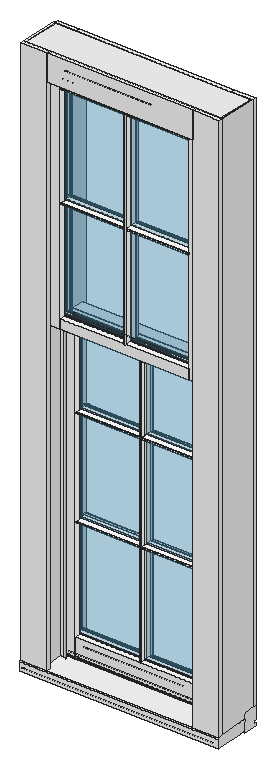
Revit family "B1-46", category Generic Models, Revit 2012
Parameters (values of type "Window Sill drawing")
  Width = 757 mm
  Height = 2144 mm
  GlazingPanelMaterial = Glass
  Floor Material = White
Reference planes
  plane 1 "Center (Front/Back)": y = 0
  plane 2: z = 0
  plane 3 "Center (Left/Right)": x = 0
  plane 4: z = 2144
  plane 5: x = -800
  plane 6: y = -21.25
  plane 7: y = 152.75
  plane 8: x = -669
  plane 9: y = -21.25
  plane 10: z = 1246.63
  plane 11: z = 1202.63
  plane 12: z = 2044
  plane 13: z = 2058
  plane 14: z = 33
  plane 15: z = 2062
  plane 16: z = 68
  plane 17: x = -43
  plane 18: x = -419.504
  plane 19: z = 2144
  plane 20: z = 2144
  plane 21: x = -125
  plane 22: x = -174
  plane 23: y = 112.422
  plane 24: y = 112.422
  plane 25: y = 112.422
  plane 26: z = 1628.52
  plane 27: z = 2013.938
  plane 28: z = 503.56
  plane 29: z = 877.04
Forms (mm)
  Extrusion 1, solid, material "White" <- "Floor Material"
    sketch origin (250, 0, 936.324) x (0, 1, 0) y (0, 0, 1)
      loop
        arc (117, 270.705) -> (122.657, 273.048) -> (125, 278.705) r 8
        line (125, 278.705) -> (128, 278.705) -> (128, 283.705) -> (109, 283.705) -> (109, 271.705) -> (112, 271.705) -> (113, 267.705) -> (117, 267.705) -> (117, 270.705)
      loop
        line (105, 279.705) -> (89, 279.705) -> (89, 269.705) -> (105, 269.705) -> (105, 279.705)
      loop
        line (60, 266.306) -> (60, 292.705) -> (54, 292.705) -> (54, 295.705) -> (12, 295.705) -> (12, 311.705) -> (10, 311.705) -> (0, 301.705) -> (0, 266.306) -> (30.175, 266.306) -> (60, 266.306)
      loop
        line (34, 309.705) -> (18, 309.705) -> (18, 299.705) -> (34, 299.705) -> (34, 309.705)
      loop
        arc (55.407, 295.564) -> (54.407, 294.564) -> (55.407, 293.564) r 1
        line (55.407, 293.564) -> (62.907, 293.564) -> (62.907, 297.534) -> (64.964, 294.722)
        arc (64.964, 294.722) -> (66.277, 294.823) -> (66.378, 296.136) r 1.012
        line (66.378, 296.136) -> (63.392, 300.218)
        arc (63.392, 300.218) -> (61.902, 300.742) -> (60.877, 299.54) r 1.396
        line (60.877, 299.54) -> (60.877, 295.564) -> (55.407, 295.564)
    from -917.922 to -425.078
  Extrusion 2, solid, material "White" <- "Floor Material"
    sketch origin (1015, 13.291, 883.518) x (0, 1, 0) y (0, 0, 1)
      loop
        line (69.709, 336.511) -> (96.209, 336.511) -> (96.209, 363.113) -> (50.709, 363.113) -> (50.709, 359.511) -> (52.709, 349.511) -> (57.709, 349.511) -> (57.709, 339.968) -> (63.93, 339.968) -> (63.93, 336.511) -> (57.709, 336.511) -> (57.709, 320.511) -> (69.709, 320.511) -> (69.709, 336.511)
      loop
        line (53.709, 320.511) -> (53.709, 325.511) -> (51.709, 335.511) -> (46.709, 335.511) -> (46.709, 320.511) -> (53.709, 320.511)
      loop
        line (46.709, 364.511) -> (28.709, 364.511) -> (27.709, 360.511) -> (24.709, 360.511) -> (24.709, 348.511) -> (46.709, 348.511) -> (46.709, 364.511)
      loop
        arc (62.521, 337.368) -> (63.521, 338.368) -> (62.521, 339.368) r 1
        line (62.521, 339.368) -> (55.021, 339.368) -> (55.021, 335.399) -> (52.965, 338.211)
        arc (52.965, 338.211) -> (51.652, 338.11) -> (51.551, 336.797) r 1.012
        line (51.551, 336.797) -> (54.536, 332.715)
        arc (54.536, 332.715) -> (56.027, 332.191) -> (57.051, 333.393) r 1.396
        line (57.051, 333.393) -> (57.051, 337.368) -> (62.521, 337.368)
    from -1684 to -1183.949
  Extrusion 3, solid, material "White" <- "Floor Material"
    sketch origin (865, 123.171, 897.242) x (0, 1, 0) y (0, 0, 1)
      loop
        line (-14.171, 306.296) -> (-10.171, 306.787) -> (-11.171, 310.787) -> (-14.171, 310.787) -> (-14.171, 306.296)
      loop
        line (-38.171, 306.542) -> (-38.171, 309.542) -> (-40.171, 309.787) -> (-40.171, 306.787) -> (-38.171, 306.542)
      loop
        line (-85.171, 351.278) -> (-85.171, 346.787) -> (-82.171, 346.787) -> (-81.171, 350.787) -> (-85.171, 351.278)
      loop
        line (-111.171, 347.787) -> (-109.171, 348.033) -> (-109.171, 351.033) -> (-111.171, 350.787) -> (-111.171, 347.787)
    from -1534 to -1039.078
  Extrusion 4, solid, material "Glass" <- "GlazingPanelMaterial"
    sketch origin (150, 64.106, 220.533) x (0, 1, 0) y (0, 0, 1)
      loop
        line (44.88, -103.528) -> (44.88, 987.496) -> (40.88, 987.496) -> (40.88, -103.528) -> (44.88, -103.528)
      loop
        line (24.88, 985.496) -> (20.88, 985.496) -> (20.88, -103.528) -> (24.88, -103.528) -> (24.88, 985.496)
    from -819 to -324.078
  Extrusion 5, solid, material "White" <- "Floor Material"
    sketch origin (761.418, 125.498, 1243.228) x (0, -0.121869, -0.992546) y (0, 0.992546, -0.121869)
      loop
        line (28.327, -57.65) -> (23.969, -54.354)
        arc (23.969, -54.354) -> (22.506, -54.612) -> (22.765, -56.075) r 1.05
        line (22.765, -56.075) -> (26.332, -58.837)
        arc (26.332, -58.837) -> (26.584, -59.776) -> (25.835, -60.396) r 0.9
        line (25.835, -60.396) -> (19.693, -61.15)
        arc (19.693, -61.15) -> (19.162, -61.383) -> (18.989, -61.936) r 0.7
        line (18.989, -61.936) -> (19.197, -63.633) -> (19.712, -64.398) -> (20.1, -67.562) -> (19.196, -66.76) -> (19.293, -67.554) -> (20.152, -68.225) -> (20.951, -68.183) -> (23.094, -67.324) -> (22.996, -66.53) -> (20.532, -66.978) -> (20.205, -64.315)
        arc (20.205, -64.315) -> (20.389, -63.651) -> (20.989, -63.312) r 0.9
        line (20.989, -63.312) -> (28.761, -62.358)
        arc (28.761, -62.358) -> (29.205, -62.1) -> (29.324, -61.601) r 0.65
        line (29.324, -61.601) -> (28.752, -58.33)
        arc (28.752, -58.33) -> (28.631, -57.932) -> (28.327, -57.65) r 0.798
    from -1430.418 to -935.496
  Extrusion 6, solid, material "White" <- "Floor Material"
    sketch origin (911.418, 126.532, 1244.463) x (0, -0.121869, -0.992546) y (0, 0.992546, -0.121869)
      loop
        arc (25.38, -55.148) -> (23.778, -55.428) -> (24.057, -57.03) r 1.15
        line (24.057, -57.03) -> (27.62, -59.789)
        arc (27.62, -59.789) -> (27.84, -60.623) -> (27.175, -61.172) r 0.8
        line (27.175, -61.172) -> (20.939, -61.931)
        arc (20.939, -61.931) -> (20.405, -62.232) -> (20.241, -62.823) r 0.8
        line (20.241, -62.823) -> (20.45, -64.52) -> (20.968, -65.312) -> (21.339, -68.337) -> (20.548, -67.635) -> (20.645, -68.429) -> (21.504, -69.1) -> (22.303, -69.058) -> (24.446, -68.2) -> (24.348, -67.406) -> (21.983, -67.835) -> (21.657, -65.178)
        arc (21.657, -65.178) -> (21.82, -64.588) -> (22.353, -64.287) r 0.8
        line (22.353, -64.287) -> (30.127, -63.332)
        arc (30.127, -63.332) -> (30.638, -63.034) -> (30.774, -62.459) r 0.75
        line (30.774, -62.459) -> (30.244, -59.424)
        arc (30.244, -59.424) -> (30.154, -58.918) -> (29.833, -58.516) r 1.042
        line (29.833, -58.516) -> (25.38, -55.148)
    from -1580.418 to -1085.496
  Extrusion 7, solid, material "White" <- "Floor Material"
    sketch origin (861.418, 121.497, 1256.106) x (0, -0.121869, -0.992546) y (0, 0.992546, -0.121869)
      loop
        line (37.899, -55.316) -> (32.161, -55.997)
        arc (32.161, -55.997) -> (31.827, -56.184) -> (31.724, -56.554) r 0.5
        line (31.724, -56.554) -> (32.395, -62.021) -> (31.491, -61.219) -> (31.588, -62.013) -> (32.447, -62.684) -> (33.246, -62.642) -> (35.389, -61.784) -> (35.291, -60.989) -> (32.827, -61.437) -> (32.285, -57.019)
        arc (32.285, -57.019) -> (32.428, -56.659) -> (32.772, -56.479) r 0.558
        line (32.772, -56.479) -> (37.96, -55.818)
        arc (37.96, -55.818) -> (38.179, -55.536) -> (37.899, -55.316) r 0.253
    from -1530.418 to -1035.496
  Extrusion 8, solid, material "White" <- "Floor Material"
    sketch origin (-78.582, 5.502, 1209.112) x (0, 0.121869, 0.992546) y (0, -0.992546, 0.121869)
      loop
        line (28.327, -57.65) -> (23.969, -54.354)
        arc (23.969, -54.354) -> (22.506, -54.612) -> (22.765, -56.075) r 1.05
        line (22.765, -56.075) -> (26.332, -58.837)
        arc (26.332, -58.837) -> (26.584, -59.776) -> (25.835, -60.396) r 0.9
        line (25.835, -60.396) -> (19.693, -61.15)
        arc (19.693, -61.15) -> (19.162, -61.383) -> (18.989, -61.936) r 0.7
        line (18.989, -61.936) -> (19.197, -63.633) -> (19.712, -64.398) -> (20.1, -67.562) -> (19.196, -66.76) -> (19.293, -67.554) -> (20.152, -68.225) -> (20.951, -68.183) -> (23.094, -67.324) -> (22.996, -66.53) -> (20.532, -66.978) -> (20.205, -64.315)
        arc (20.205, -64.315) -> (20.389, -63.651) -> (20.989, -63.312) r 0.9
        line (20.989, -63.312) -> (28.761, -62.358)
        arc (28.761, -62.358) -> (29.205, -62.1) -> (29.324, -61.601) r 0.65
        line (29.324, -61.601) -> (28.752, -58.33)
        arc (28.752, -58.33) -> (28.631, -57.932) -> (28.327, -57.65) r 0.798
    from -590.418 to -95.496
  Extrusion 9, solid, material "White" <- "Floor Material"
    sketch origin (736.418, 9.503, 1196.234) x (0, 0.121869, 0.992546) y (0, -0.992546, 0.121869)
      loop
        line (37.899, -55.316) -> (32.161, -55.997)
        arc (32.161, -55.997) -> (31.827, -56.184) -> (31.724, -56.554) r 0.5
        line (31.724, -56.554) -> (32.395, -62.021) -> (31.491, -61.219) -> (31.588, -62.013) -> (32.447, -62.684) -> (33.246, -62.642) -> (35.389, -61.784) -> (35.291, -60.989) -> (32.827, -61.437) -> (32.285, -57.019)
        arc (32.285, -57.019) -> (32.428, -56.659) -> (32.772, -56.479) r 0.558
        line (32.772, -56.479) -> (37.96, -55.818)
        arc (37.96, -55.818) -> (38.179, -55.536) -> (37.899, -55.316) r 0.253
    from -1405.418 to -910.496
  Extrusion 10, solid, material "White" <- "Floor Material"
    sketch origin (815, 0, 936.324) x (0, 1, 0) y (0, 0, 1)
      loop
        line (38, 299.705) -> (12, 299.705) -> (12, 295.705) -> (38, 295.705) -> (38, 299.705)
      loop
        line (109, 283.705) -> (83, 283.705) -> (83, 279.705) -> (109, 279.705) -> (109, 283.705)
    from -1484 to -1234.582
  Extrusion 11, solid, not visible
    sketch origin (0, 0, 9.375) x (0, 1, 0) y (0, 0, 1)
      loop
        line (94.662, 311.911) -> (94.314, 312.868) -> (95.314, 312.868) -> (93.454, 317.977) -> (86.115, 317.977) -> (85.011, 317.575) -> (64.143, 317.575) -> (64.143, 311.911) -> (94.662, 311.911)
    from 0 to 250
  Extrusion 12, solid, not visible
    sketch origin (0, 0, 9.375) x (0, 1, 0) y (0, 0, 1)
      loop
        line (93.688, 317.334) -> (85.92, 317.334) -> (87.101, 312.926) -> (95.293, 312.926) -> (93.688, 317.334)
      loop
        line (91.853, 322.376) -> (91.853, 328.194)
        arc (91.853, 328.194) -> (91.424, 329.231) -> (90.388, 329.66) r 1.465
        line (90.388, 329.66) -> (71.853, 329.66) -> (71.853, 322.376) -> (91.853, 322.376)
      loop
        line (73.373, 320.598) -> (64.143, 320.598) -> (64.143, 317.575) -> (73.373, 317.575) -> (73.373, 320.598)
      loop
        line (61.169, 311.884) -> (61.169, 316.884) -> (56.169, 316.884)
        arc (56.169, 316.884) -> (53.926, 317.813) -> (52.996, 320.057) r 3.173
        line (52.996, 320.057) -> (52.996, 327.594)
        arc (52.996, 327.594) -> (53.247, 329.284) -> (54.656, 330.25) r 2.138
        line (54.656, 330.25) -> (56.493, 330.25)
        arc (56.493, 330.25) -> (57.939, 329.727) -> (58.925, 328.548) r 2.95
        line (58.925, 328.548) -> (59.306, 324.922) -> (61.24, 324.922) -> (60.612, 330.901)
        arc (60.612, 330.901) -> (59.723, 332.646) -> (57.894, 333.348) r 2.733
        line (57.894, 333.348) -> (52.423, 333.348)
        arc (52.423, 333.348) -> (50.164, 330.795) -> (49.999, 327.391) r 5.139
        line (49.999, 327.391) -> (47.957, 316.884)
        arc (47.957, 316.884) -> (49.179, 314.507) -> (49.698, 311.884) r 9.583
        line (49.698, 311.884) -> (61.169, 311.884)
    from 0 to 250
  Extrusion 13, solid, material "White" <- "Floor Material"
    sketch origin (50, -21.25, 1760.188) x (0, 1, 0) y (0, 0, 1)
      loop
        line (78.5, 268.749) -> (59.5, 268.749) -> (59.5, 256.749) -> (62.5, 256.749) -> (63.5, 252.749) -> (67.5, 252.749) -> (67.5, 255.749)
        arc (67.5, 255.749) -> (73.157, 258.092) -> (75.5, 263.749) r 8
        line (75.5, 263.749) -> (78.5, 263.749) -> (78.5, 268.749)
      loop
        line (67.534, 317.378) -> (63.288, 313.116) -> (63.101, 309.432)
        arc (63.101, 309.432) -> (63.279, 308.951) -> (63.75, 308.749) r 0.65
        line (63.75, 308.749) -> (71.582, 308.749)
        arc (71.582, 308.749) -> (72.219, 308.486) -> (72.482, 307.849) r 0.9
        line (72.482, 307.849) -> (72.482, 305.266) -> (69.639, 305.266) -> (69.639, 304.437) -> (70.5, 304.437) -> (72.582, 304.032) -> (73.5, 304.437) -> (73.5, 308.749) -> (73.4, 310.459)
        arc (73.4, 310.459) -> (73.16, 310.987) -> (72.605, 311.153) r 0.7
        line (72.605, 311.153) -> (66.417, 311.153)
        arc (66.417, 311.153) -> (65.695, 311.514) -> (65.553, 312.309) r 0.9
        line (65.553, 312.309) -> (68.938, 315.817)
        arc (68.938, 315.817) -> (69.016, 317.299) -> (67.534, 317.378) r 1.05
    from -719 to -224
  Extrusion 14, solid, material "White" <- "Floor Material"
    sketch origin (50, -21.25, 1749.251) x (0, 1, 0) y (0, 0, 1)
      loop
        line (154, 344.749) -> (154, 388.749) -> (20, 388.749) -> (20, 344.749) -> (154, 344.749)
    from -749.921 to -193.079
  Extrusion 15, solid, material "Glass" <- "GlazingPanelMaterial"
    sketch origin (0, -6.957, 1475.493) x (0, 1, 0) y (0, 0, 1)
      loop
        line (45.207, -226.973) -> (45.207, 568.507) -> (41.207, 568.507) -> (41.207, -226.973) -> (45.207, -226.973)
      loop
        line (24.957, 568.507) -> (20.957, 568.507) -> (20.957, -226.973) -> (24.957, -226.973) -> (24.957, 568.507)
    from -669 to -174.078
  Extrusion 16, solid, material "White" <- "Floor Material"
    sketch origin (-72.332, 95.318, 2181.485) x (0, 1, 0) y (0, 0, 1)
      loop
        line (-97.368, -115.408) -> (-98.782, -115.408) -> (-98.782, -120.691) -> (-97.368, -120.691) -> (-97.368, -119.602) -> (-97.368, -116.493) -> (-97.368, -115.408)
    from -596.668 to -347.25
  Extrusion 17, solid, material "White" <- "Floor Material"
    sketch origin (50, -21.25, 1760.188) x (0, 1, 0) y (0, 0, 1)
      loop
        line (17, 304.499) -> (13, 304.499) -> (13, 301.999) -> (17, 301.999) -> (17, 299.749) -> (20, 299.749) -> (20, 301.694) -> (19.2, 301.694) -> (19.2, 300.606) -> (17.786, 300.606) -> (17.786, 305.893) -> (19.2, 305.893) -> (19.2, 304.804) -> (20, 304.804) -> (20, 306.749) -> (17, 306.749) -> (17, 304.499)
    from -719 to -224
  Extrusion 18, solid, material "White" <- "Floor Material"
    sketch origin (50, -21.25, 1760.188) x (0, 1, 0) y (0, 0, 1)
      loop
        line (23.862, 300.393) -> (23.862, 306.074)
        spline (23.862, 306.074) -> (23.6, 305.683) -> (23.284, 305.425) -> (22.922, 305.27) -> (22.524, 305.189) -> (22.101, 305.153) -> (21.66, 305.133) -> (21.213, 305.1) -> (20.767, 305.024) -> (20.334, 304.876) -> (19.922, 304.627) -> (19.541, 304.248) -> (19.2, 303.71)
        line (19.2, 303.71) -> (19.2, 302.476)
        spline (19.2, 302.476) -> (19.558, 301.967) -> (19.948, 301.615) -> (20.362, 301.392) -> (20.792, 301.269) -> (21.23, 301.216) -> (21.669, 301.205) -> (22.099, 301.206) -> (22.515, 301.191) -> (22.906, 301.132) -> (23.267, 300.998) -> (23.588, 300.761) -> (23.862, 300.393)
    from -719 to -224
  Extrusion 19, solid, material "White" <- "Floor Material"
    sketch origin (-22.332, 36.182, 2181.485) x (0, -1, 0) y (0, 0, -1)
      loop
        line (-97.368, 115.408) -> (-97.368, 116.493) -> (-97.368, 119.602) -> (-97.368, 120.691) -> (-98.782, 120.691) -> (-98.782, 115.408) -> (-97.368, 115.408)
    from -646.668 to -397.25
  Extrusion 20, solid, material "White" <- "Floor Material"
    sketch origin (25, 152.75, 1760.188) x (0, -1, 0) y (0, 0, -1)
      loop
        spline (23.862, -300.393) -> (23.588, -300.761) -> (23.267, -300.998) -> (22.906, -301.132) -> (22.515, -301.191) -> (22.099, -301.206) -> (21.669, -301.205) -> (21.23, -301.216) -> (20.792, -301.269) -> (20.362, -301.392) -> (19.948, -301.615) -> (19.558, -301.967) -> (19.2, -302.476)
        line (19.2, -302.476) -> (19.2, -303.71)
        spline (19.2, -303.71) -> (19.541, -304.248) -> (19.922, -304.627) -> (20.334, -304.876) -> (20.767, -305.024) -> (21.213, -305.1) -> (21.66, -305.133) -> (22.101, -305.153) -> (22.524, -305.189) -> (22.922, -305.27) -> (23.284, -305.425) -> (23.6, -305.683) -> (23.862, -306.074)
        line (23.862, -306.074) -> (23.862, -300.393)
    from -694 to -444.582
  Extrusion 21, solid, material "White" <- "Floor Material"
    sketch origin (50, 234.566, 1876.409) x (0, 1, 0) y (0, 0, 1)
      loop
        line (-222.316, 137.529) -> (-220.566, 137.744) -> (-220.566, 140.529) -> (-222.316, 140.529) -> (-222.316, 137.529)
      loop
        line (-193.316, 140.529) -> (-196.316, 140.529) -> (-196.316, 136.529) -> (-192.316, 136.529) -> (-193.316, 140.529)
    from -719 to -224
  Extrusion 22, solid, material "White" <- "Floor Material"
    sketch origin (50, -21.25, 1755.251) x (0, 1, 0) y (0, 0, 1)
      loop
        line (159, 312.749) -> (159, 382.749) -> (20, 382.749) -> (20, 329.749) -> (15, 329.749) -> (15, 321.749) -> (20, 321.749) -> (20, 312.749) -> (83, 312.749) -> (83, 319.749) -> (91, 319.749) -> (91, 312.749) -> (159, 312.749)
    from -767.938 to -175.062
  Extrusion 23, solid, material "White" <- "Floor Material"
    sketch origin (-172.332, 69.685, -12.907) x (0, -1, 0) y (0, 0, -1)
      loop
        line (-28.815, -17.907) -> (-28.815, -45.907) -> (-33.815, -45.907) -> (-33.815, -60.907) -> (-28.815, -60.907) -> (92.551, -46.005)
        arc (92.551, -46.005) -> (94.432, -45.015) -> (95.185, -43.027) r 3
        line (95.185, -43.027) -> (95.185, -12.907) -> (90.185, -12.907) -> (90.185, -14.907)
        arc (90.185, -14.907) -> (87.185, -17.907) -> (84.185, -14.907) r 3
        line (84.185, -14.907) -> (84.185, -12.907) -> (-8.815, -12.907) -> (-8.815, -17.907) -> (-28.815, -17.907)
    from -627.668 to 129.332
  Extrusion 24, solid, material "White" <- "Floor Material"
    sketch origin (-172.332, 69.685, 0) x (0, -1, 0) y (0, 0, -1)
      loop
        line (-82.815, 0) -> (-82.815, -10) -> (-72.815, -10) -> (-72.815, -20) -> (-82.815, -20) -> (-82.815, -68) -> (-62.815, -68) -> (-28.815, -63.825) -> (-28.815, -58.913)
        arc (-28.815, -58.913) -> (-31.815, -55.913) -> (-28.815, -52.913) r 3
        line (-28.815, -52.913) -> (-28.815, -48) -> (-33.815, -48) -> (-33.815, -33) -> (-28.815, -33) -> (-28.815, 0) -> (-82.815, 0)
    from -627.668 to 129.332
  Extrusion 25, solid, material "White" <- "Floor Material"
    sketch origin (-172.332, 75.723, -26.266) x (0, -1, 0) y (0, 0, -1)
      loop
        line (-6.277, -76.621) -> (-17.277, -77.972) -> (-17.277, -99.936) -> (-21.277, -99.936) -> (-21.277, -139.271) -> (-7.277, -139.271) -> (-7.277, -155.271) -> (-5.277, -155.271) -> (4.723, -145.271) -> (4.723, -77.246)
        arc (4.723, -77.246) -> (3.711, -74.999) -> (1.357, -74.268) r 3
        line (1.357, -74.268) -> (-3.277, -74.837) -> (-3.277, -82.253) -> (-6.277, -82.253) -> (-6.277, -76.621)
      loop
        line (-55.277, -139.271) -> (-29.277, -139.271) -> (-29.277, -99.936) -> (-33.277, -99.936) -> (-33.277, -94.936) -> (-44.277, -96.287) -> (-44.277, -102.287) -> (-47.277, -102.287) -> (-47.277, -96.655) -> (-52.643, -97.314)
        arc (-52.643, -97.314) -> (-54.524, -98.304) -> (-55.277, -100.292) r 3
        line (-55.277, -100.292) -> (-55.277, -139.271)
    from -495.589 to -2.746
  Extrusion 26, solid, material "White" <- "Floor Material"
    sketch origin (-172.332, 36.806, -33.552) x (0, -1, 0) y (0, 0, -1)
      loop
        line (-97.22, -108.207) -> (-97.22, -106.552) -> (-98.72, -106.552) -> (-98.72, -111.552) -> (-97.22, -111.552) -> (-97.22, -109.898)
        spline (-97.22, -109.898) -> (-96.846, -110.536) -> (-96.419, -110.991) -> (-95.951, -111.297) -> (-95.454, -111.486) -> (-94.941, -111.593) -> (-94.423, -111.65) -> (-93.912, -111.691) -> (-93.422, -111.75) -> (-92.964, -111.859) -> (-92.55, -112.054) -> (-92.193, -112.366) -> (-91.905, -112.83)
        line (-91.905, -112.83) -> (-91.905, -105.274)
        spline (-91.905, -105.274) -> (-92.193, -105.738) -> (-92.55, -106.051) -> (-92.964, -106.245) -> (-93.422, -106.355) -> (-93.912, -106.414) -> (-94.423, -106.455) -> (-94.941, -106.512) -> (-95.454, -106.619) -> (-95.951, -106.808) -> (-96.419, -107.113) -> (-96.846, -107.569) -> (-97.22, -108.207)
    from -496.668 to -1.746
  Extrusion 27, solid, material "White" <- "Floor Material"
    sketch origin (-172.332, 73.367, -7.569) x (0, -1, 0) y (0, 0, -1)
      loop
        line (-54.633, -125.574) -> (-51.633, -125.574)
        arc (-51.633, -125.574) -> (-49.289, -131.23) -> (-43.633, -133.574) r 8
        line (-43.633, -133.574) -> (-43.633, -136.574) -> (-39.633, -136.574) -> (-38.633, -132.574) -> (-35.633, -132.574) -> (-35.633, -120.574) -> (-54.633, -120.574) -> (-54.633, -125.574)
    from -496.668 to -1.746
  Extrusion 28, solid, material "White" <- "Floor Material"
    sketch origin (-172.332, 69.685, 0) x (0, -1, 0) y (0, 0, -1)
      loop
        line (-39.315, -113.004) -> (-39.315, -117.004) -> (-15.315, -117.004) -> (-15.315, -126.25) -> (-13.315, -126.004) -> (-13.315, -113.004) -> (-39.315, -113.004)
    from -496.668 to -1.746
  Extrusion 29, solid, material "White" <- "Floor Material"
    sketch origin (-153.582, 101.098, -13.29) x (0, -1, 0) y (0, 0, -1)
      loop
        line (28.327, -57.65) -> (23.969, -54.354)
        arc (23.969, -54.354) -> (22.506, -54.612) -> (22.765, -56.075) r 1.05
        line (22.765, -56.075) -> (26.332, -58.837)
        arc (26.332, -58.837) -> (26.584, -59.776) -> (25.835, -60.396) r 0.9
        line (25.835, -60.396) -> (19.693, -61.15)
        arc (19.693, -61.15) -> (19.162, -61.383) -> (18.989, -61.936) r 0.7
        line (18.989, -61.936) -> (19.197, -63.633) -> (19.712, -64.398) -> (20.1, -67.562) -> (19.196, -66.76) -> (19.293, -67.554) -> (20.152, -68.225) -> (20.951, -68.183) -> (23.094, -67.324) -> (22.996, -66.53) -> (20.532, -66.978) -> (20.205, -64.315)
        arc (20.205, -64.315) -> (20.389, -63.651) -> (20.989, -63.312) r 0.9
        line (20.989, -63.312) -> (28.761, -62.358)
        arc (28.761, -62.358) -> (29.205, -62.1) -> (29.324, -61.601) r 0.65
        line (29.324, -61.601) -> (28.752, -58.33)
        arc (28.752, -58.33) -> (28.631, -57.932) -> (28.327, -57.65) r 0.798
    from -546.339 to -20.496
  Extrusion 30, solid, material "White" <- "Floor Material"
    sketch origin (-153.582, 113.393, -7.749) x (0, -1, 0) y (0, 0, -1)
      loop
        line (37.899, -55.316) -> (32.161, -55.997)
        arc (32.161, -55.997) -> (31.827, -56.184) -> (31.724, -56.554) r 0.5
        line (31.724, -56.554) -> (32.395, -62.021) -> (31.491, -61.219) -> (31.588, -62.013) -> (32.447, -62.684) -> (33.246, -62.642) -> (35.389, -61.784) -> (35.291, -60.989) -> (32.827, -61.437) -> (32.285, -57.019)
        arc (32.285, -57.019) -> (32.428, -56.659) -> (32.772, -56.479) r 0.558
        line (32.772, -56.479) -> (37.96, -55.818)
        arc (37.96, -55.818) -> (38.179, -55.536) -> (37.899, -55.316) r 0.253
    from -515.418 to -20.496
  Extrusion 31, solid, material "White" <- "Floor Material"
    sketch origin (-172.332, 69.685, 0) x (0, -1, 0) y (0, 0, -1)
      loop
        line (-35.315, -127.004) -> (-19.315, -127.004) -> (-19.315, -117.004) -> (-35.315, -117.004) -> (-35.315, -127.004)
    from -496.668 to -5.928
  Extrusion 32, solid, material "White" <- "Floor Material"
    sketch origin (-153.582, 142.098, 6.744) x (0, -1, 0) y (0, 0, -1)
      loop
        line (28.327, -57.65) -> (23.969, -54.354)
        arc (23.969, -54.354) -> (22.506, -54.612) -> (22.765, -56.075) r 1.05
        line (22.765, -56.075) -> (26.332, -58.837)
        arc (26.332, -58.837) -> (26.584, -59.776) -> (25.835, -60.396) r 0.9
        line (25.835, -60.396) -> (19.693, -61.15)
        arc (19.693, -61.15) -> (19.162, -61.383) -> (18.989, -61.936) r 0.7
        line (18.989, -61.936) -> (19.197, -63.633) -> (19.712, -64.398) -> (20.1, -67.562) -> (19.196, -66.76) -> (19.293, -67.554) -> (20.152, -68.225) -> (20.951, -68.183) -> (23.094, -67.324) -> (22.996, -66.53) -> (20.532, -66.978) -> (20.205, -64.315)
        arc (20.205, -64.315) -> (20.389, -63.651) -> (20.989, -63.312) r 0.9
        line (20.989, -63.312) -> (28.761, -62.358)
        arc (28.761, -62.358) -> (29.205, -62.1) -> (29.324, -61.601) r 0.65
        line (29.324, -61.601) -> (28.752, -58.33)
        arc (28.752, -58.33) -> (28.631, -57.932) -> (28.327, -57.65) r 0.798
    from -515.418 to -20.496
  Extrusion 33, solid, material "White" <- "Floor Material"
    sketch origin (-153.582, 143.45, 5.869) x (0, -1, 0) y (0, 0, -1)
      loop
        arc (25.38, -55.148) -> (23.778, -55.428) -> (24.057, -57.03) r 1.15
        line (24.057, -57.03) -> (27.62, -59.789)
        arc (27.62, -59.789) -> (27.84, -60.623) -> (27.175, -61.172) r 0.8
        line (27.175, -61.172) -> (20.939, -61.931)
        arc (20.939, -61.931) -> (20.405, -62.232) -> (20.241, -62.823) r 0.8
        line (20.241, -62.823) -> (20.45, -64.52) -> (20.968, -65.312) -> (21.339, -68.337) -> (20.548, -67.635) -> (20.645, -68.429) -> (21.504, -69.1) -> (22.303, -69.058) -> (24.446, -68.2) -> (24.348, -67.406) -> (21.983, -67.835) -> (21.657, -65.178)
        arc (21.657, -65.178) -> (21.82, -64.588) -> (22.353, -64.287) r 0.8
        line (22.353, -64.287) -> (30.127, -63.332)
        arc (30.127, -63.332) -> (30.638, -63.034) -> (30.774, -62.459) r 0.75
        line (30.774, -62.459) -> (30.244, -59.424)
        arc (30.244, -59.424) -> (30.154, -58.918) -> (29.833, -58.516) r 1.042
        line (29.833, -58.516) -> (25.38, -55.148)
    from -515.418 to -20.496
  Extrusion 34, solid, material "White" <- "Floor Material"
    sketch origin (-153.582, 154.393, 12.285) x (0, -1, 0) y (0, 0, -1)
      loop
        line (37.899, -55.316) -> (32.161, -55.997)
        arc (32.161, -55.997) -> (31.827, -56.184) -> (31.724, -56.554) r 0.5
        line (31.724, -56.554) -> (32.395, -62.021) -> (31.491, -61.219) -> (31.588, -62.013) -> (32.447, -62.684) -> (33.246, -62.642) -> (35.389, -61.784) -> (35.291, -60.989) -> (32.827, -61.437) -> (32.285, -57.019)
        arc (32.285, -57.019) -> (32.428, -56.659) -> (32.772, -56.479) r 0.558
        line (32.772, -56.479) -> (37.96, -55.818)
        arc (37.96, -55.818) -> (38.179, -55.536) -> (37.899, -55.316) r 0.253
    from -515.418 to -20.496
  Extrusion 35, solid, material "White" <- "Floor Material"
    sketch origin (-172.332, 69.685, 0) x (0, -1, 0) y (0, 0, -1)
      loop
        line (-39.315, -129.495) -> (-39.315, -125.004) -> (-42.315, -125.004) -> (-43.315, -129.004) -> (-39.315, -129.495)
      loop
        line (-15.315, -129.25) -> (-13.315, -129.004) -> (-13.315, -126.004) -> (-15.315, -126.25) -> (-15.315, -129.25)
    from -496.668 to -1.746
  Extrusion 36, solid, material "White" <- "Floor Material"
    sketch origin (-511.418, -643.153, 0) x (1, 0, 0) y (0, 1, 0)
      loop
        line (-280.004, 695.902) -> (-280.004, 650.902) -> (-235.004, 650.902) -> (-235.004, 695.902) -> (-280.004, 695.902)
      loop
        circle (-257.504, 673.402) r 3.5
      loop
        circle (-257.504, 744.402) r 3.5
      loop
        line (-235.004, 766.902) -> (-280.004, 766.902) -> (-280.004, 721.902) -> (-235.004, 721.902) -> (-235.004, 766.902)
      loop
        line (-281.504, 707.402) -> (-233.504, 707.402) -> (-233.504, 710.402) -> (-281.504, 710.402) -> (-281.504, 707.402)
      loop
        line (-206.504, 712.902) -> (-213.504, 712.902) -> (-213.504, 704.902) -> (-192.504, 704.902)
        arc (-192.504, 704.902) -> (-188.504, 708.902) -> (-192.504, 712.902) r 4
        line (-192.504, 712.902) -> (-206.504, 712.902)
    from 33 to 1670
  Extrusion 37, solid, material "White" <- "Floor Material"
    sketch origin (-511.434, -643.965, 0) x (1, 0, 0) y (0, 1, 0)
      loop
        line (-209.504, 752.402) -> (-254.504, 752.402) -> (-254.504, 736.402) -> (-209.504, 736.402) -> (-209.504, 729.902) -> (-206.504, 729.902) -> (-206.504, 758.902) -> (-209.504, 758.902) -> (-209.504, 752.402)
      loop
        line (-254.504, 681.402) -> (-254.504, 665.402) -> (-209.504, 665.402) -> (-209.504, 658.902) -> (-206.504, 658.902) -> (-206.504, 687.902) -> (-209.504, 687.902) -> (-209.504, 681.402) -> (-254.504, 681.402)
    from 33 to 1670
  Extrusion 38, solid, material "White" <- "Floor Material"
    sketch origin (-511.418, -571.902, -672) x (1, 0, 0) y (0, 1, 0)
      loop
        line (-156.504, 643.402) -> (-146.504, 653.402) -> (-146.504, 655.402) -> (-162.504, 655.402) -> (-162.504, 703.402) -> (-199.504, 703.402)
        arc (-199.504, 703.402) -> (-201.625, 702.524) -> (-202.504, 700.402) r 3
        line (-202.504, 700.402) -> (-202.504, 679.402) -> (-196.504, 679.402) -> (-196.504, 667.402) -> (-202.504, 667.402) -> (-202.504, 654.402) -> (-196.504, 654.402) -> (-196.504, 651.402) -> (-202.504, 651.402) -> (-202.504, 646.402)
        arc (-202.504, 646.402) -> (-201.625, 644.281) -> (-199.504, 643.402) r 3
        line (-199.504, 643.402) -> (-156.504, 643.402)
    from 717.039 to 1876.029
  Extrusion 39, solid, not visible
    sketch origin (-848.022, -244.537, 0) x (1, 0, 0) y (0, 1, 0)
      loop
        line (-156.504, 643.402) -> (-146.504, 653.402) -> (-146.504, 655.402) -> (-162.504, 655.402) -> (-162.504, 703.402) -> (-199.504, 703.402)
        arc (-199.504, 703.402) -> (-201.625, 702.524) -> (-202.504, 700.402) r 3
        line (-202.504, 700.402) -> (-202.504, 695.402) -> (-196.504, 695.402) -> (-196.504, 692.402) -> (-202.504, 692.402) -> (-202.504, 679.402) -> (-196.504, 679.402) -> (-196.504, 667.402) -> (-202.504, 667.402) -> (-202.504, 646.402)
        arc (-202.504, 646.402) -> (-201.625, 644.281) -> (-199.504, 643.402) r 3
        line (-199.504, 643.402) -> (-156.504, 643.402)
    from 672 to 1294
  Extrusion 40, solid, not visible
    sketch origin (-848.022, -244.537, 0) x (1, 0, 0) y (0, 1, 0)
      loop
        line (-162.504, 700.402) -> (-162.504, 681.402) -> (-150.504, 681.402) -> (-150.504, 684.402) -> (-146.504, 685.402) -> (-146.504, 689.402) -> (-149.504, 689.402)
        arc (-149.504, 689.402) -> (-151.847, 695.059) -> (-157.504, 697.402) r 8
        line (-157.504, 697.402) -> (-157.504, 700.402) -> (-162.504, 700.402)
    from 672 to 1294
  Extrusion 41, solid, material "White" <- "Floor Material"
    sketch origin (-511.418, -714.403, 334) x (1, 0, 0) y (0, 1, 0)
      loop
        arc (-199.504, 774.402) -> (-201.625, 773.524) -> (-202.504, 771.402) r 3
        line (-202.504, 771.402) -> (-202.504, 766.402) -> (-196.504, 766.402) -> (-196.504, 763.402) -> (-202.504, 763.402) -> (-202.504, 750.402) -> (-196.504, 750.402) -> (-196.504, 738.402) -> (-202.504, 738.402) -> (-202.504, 717.402)
        arc (-202.504, 717.402) -> (-201.625, 715.281) -> (-199.504, 714.402) r 3
        line (-199.504, 714.402) -> (-156.504, 714.402) -> (-146.504, 724.402) -> (-146.504, 726.402) -> (-162.504, 726.402) -> (-162.504, 774.402) -> (-199.504, 774.402)
    from 868.63 to 1724
  Extrusion 42, solid, material "White" <- "Floor Material"
    sketch origin (-511.418, -714.403, 289) x (1, 0, 0) y (0, 1, 0)
      loop
        line (-157.504, 771.402) -> (-162.504, 771.402) -> (-162.504, 752.402) -> (-150.504, 752.402) -> (-150.504, 755.402) -> (-146.504, 756.402) -> (-146.504, 760.402) -> (-149.504, 760.402)
        arc (-149.504, 760.402) -> (-151.847, 766.059) -> (-157.504, 768.402) r 8
        line (-157.504, 768.402) -> (-157.504, 771.402)
    from 913.63 to 1769
  Extrusion 43, solid, material "White" <- "Floor Material"
    sketch origin (-511.418, 774.897, -660) x (1, 0, 0) y (0, 1, 0)
      loop
        arc (-204.331, -687.749) -> (-207.239, -689.467) -> (-208.592, -692.561) r 5.492
        arc (-208.592, -692.561) -> (-208.577, -693.238) -> (-207.9, -693.253) r 0.49
        line (-207.9, -693.253) -> (-207.702, -692.118)
        arc (-207.702, -692.118) -> (-206.44, -689.941) -> (-204.202, -688.789) r 4.477
        arc (-204.202, -688.789) -> (-203.814, -688.735) -> (-203.578, -688.421) r 0.511
        line (-203.578, -688.421) -> (-203.578, -686.619)
        arc (-203.578, -686.619) -> (-203.274, -687.204) -> (-203.257, -687.863) r 1.462
        line (-203.257, -687.863) -> (-203.257, -695.734)
        arc (-203.257, -695.734) -> (-202.89, -696.174) -> (-202.523, -695.734) r 0.373
        line (-202.523, -695.734) -> (-202.523, -693.221) -> (-200.345, -693.221) -> (-201.733, -694.086) -> (-199.555, -694.086) -> (-198.017, -693.779) -> (-198.017, -692.744)
        arc (-198.017, -692.744) -> (-198.357, -692.518) -> (-198.75, -692.402) r 1.365
        line (-198.75, -692.402) -> (-202.504, -692.402) -> (-202.504, -686.348)
        arc (-202.504, -686.348) -> (-203.437, -685.545) -> (-204.331, -686.391) r 0.919
        line (-204.331, -686.391) -> (-204.331, -687.749)
    from 660 to 1282
  Extrusion 44, solid, material "White" <- "Floor Material"
    sketch origin (-511.418, 774.402, 314) x (1, 0, 0) y (0, 1, 0)
      loop
        line (-204.331, -730.055) -> (-204.331, -731.414)
        arc (-204.331, -731.414) -> (-203.437, -732.26) -> (-202.504, -731.457) r 0.919
        line (-202.504, -731.457) -> (-202.504, -725.402) -> (-198.44, -725.402)
        arc (-198.44, -725.402) -> (-197.968, -724.672) -> (-198.44, -723.941) r 0.802
        line (-198.44, -723.941) -> (-199.555, -723.719) -> (-201.729, -723.719) -> (-201.113, -724.274) -> (-200.345, -724.584) -> (-202.523, -724.584) -> (-202.523, -722.012)
        arc (-202.523, -722.012) -> (-202.923, -721.612) -> (-203.323, -722.012) r 0.4
        line (-203.323, -722.012) -> (-203.323, -731.425) -> (-203.578, -730.607) -> (-203.578, -729.384)
        arc (-203.578, -729.384) -> (-203.814, -729.07) -> (-204.202, -729.016) r 0.511
        arc (-204.202, -729.016) -> (-206.634, -727.667) -> (-207.8, -725.142) r 4.477
        arc (-207.8, -725.142) -> (-208.241, -724.845) -> (-208.592, -725.244) r 0.402
        arc (-208.592, -725.244) -> (-207.239, -728.338) -> (-204.331, -730.055) r 5.492
    from 862.437 to 1744
  Extrusion 45, solid, not visible
    sketch origin (-511.418, -643.152, -230) x (1, 0, 0) y (0, 1, 0)
      loop
        line (-200.504, 641.902) -> (-200.504, 638.902) -> (-198.254, 638.902) -> (-198.254, 634.902) -> (-195.818, 634.902) -> (-195.818, 638.902) -> (-193.504, 638.902) -> (-193.504, 641.902) -> (-195.282, 641.902) -> (-195.282, 641.116) -> (-194.482, 641.116) -> (-194.482, 639.814) -> (-199.81, 639.814) -> (-199.81, 641.116) -> (-199.01, 641.116) -> (-199.01, 641.902) -> (-200.504, 641.902)
    from 230 to 852
  Extrusion 46, solid, not visible
    sketch origin (-511.418, -643.152, -140) x (1, 0, 0) y (0, 1, 0)
      loop
        line (-194.482, 639.814) -> (-194.482, 641.116) -> (-199.81, 641.116) -> (-199.81, 639.814) -> (-194.482, 639.814)
    from 140 to 762
  Extrusion 47, solid, not visible
    sketch origin (-511.418, -643.152, 0) x (1, 0, 0) y (0, 1, 0)
      loop
        spline (-199.847, 645.779) -> (-199.478, 645.505) -> (-199.241, 645.183) -> (-199.108, 644.823) -> (-199.048, 644.431) -> (-199.033, 644.016) -> (-199.035, 643.585) -> (-199.023, 643.147) -> (-198.97, 642.709) -> (-198.847, 642.279) -> (-198.624, 641.865) -> (-198.272, 641.475) -> (-197.764, 641.116)
        line (-197.764, 641.116) -> (-196.529, 641.116)
        spline (-196.529, 641.116) -> (-195.991, 641.457) -> (-195.612, 641.839) -> (-195.363, 642.251) -> (-195.215, 642.684) -> (-195.139, 643.129) -> (-195.106, 643.577) -> (-195.086, 644.017) -> (-195.05, 644.441) -> (-194.969, 644.838) -> (-194.814, 645.2) -> (-194.556, 645.517) -> (-194.166, 645.779)
        line (-194.166, 645.779) -> (-199.847, 645.779)
    from 0 to 622
  Extrusion 48, solid, material "White" <- "Floor Material"
    sketch origin (-513.129, -642.215, -140) x (1, 0, 0) y (0, 1, 0)
      loop
        line (-194.482, 777.991) -> (-199.81, 777.991) -> (-199.81, 776.688) -> (-194.482, 776.688) -> (-194.482, 777.991)
    from 140 to 762
  Extrusion 49, solid, material "White" <- "Floor Material"
    sketch origin (-513.129, -642.215, 0) x (1, 0, 0) y (0, 1, 0)
      loop
        line (-199.847, 772.026) -> (-194.166, 772.026)
        spline (-194.166, 772.026) -> (-194.556, 772.288) -> (-194.814, 772.604) -> (-194.969, 772.966) -> (-195.05, 773.364) -> (-195.086, 773.787) -> (-195.106, 774.228) -> (-195.139, 774.675) -> (-195.215, 775.121) -> (-195.363, 775.554) -> (-195.612, 775.966) -> (-195.991, 776.347) -> (-196.529, 776.688)
        line (-196.529, 776.688) -> (-197.764, 776.688)
        spline (-197.764, 776.688) -> (-198.272, 776.33) -> (-198.624, 775.94) -> (-198.847, 775.526) -> (-198.97, 775.096) -> (-199.023, 774.658) -> (-199.035, 774.219) -> (-199.033, 773.789) -> (-199.048, 773.373) -> (-199.108, 772.982) -> (-199.241, 772.621) -> (-199.478, 772.3) -> (-199.847, 772.026)
    from 0 to 622
  Extrusion 50, solid, material "White" <- "Floor Material"
    sketch origin (-509.535, 775.395, -40) x (1, 0, 0) y (0, 1, 0)
      loop
        line (-196.365, -777.429) -> (-197.323, -777.429) -> (-200.433, -777.429) -> (-201.693, -777.429) -> (-201.693, -778.733) -> (-196.365, -778.733) -> (-196.365, -777.429)
    from 618 to 2098
  Extrusion 51, solid, material "White" <- "Floor Material"
    sketch origin (-509.535, 775.395, 309) x (1, 0, 0) y (0, 1, 0)
      loop
        spline (-201.578, -772.766) -> (-201.21, -773.041) -> (-200.973, -773.362) -> (-200.839, -773.722) -> (-200.779, -774.114) -> (-200.765, -774.529) -> (-200.766, -774.96) -> (-200.755, -775.398) -> (-200.702, -775.836) -> (-200.579, -776.266) -> (-200.356, -776.68) -> (-200.004, -777.07) -> (-199.495, -777.429)
        line (-199.495, -777.429) -> (-198.261, -777.429)
        spline (-198.261, -777.429) -> (-197.722, -777.088) -> (-197.343, -776.707) -> (-197.095, -776.295) -> (-196.947, -775.861) -> (-196.871, -775.416) -> (-196.837, -774.968) -> (-196.817, -774.528) -> (-196.782, -774.104) -> (-196.701, -773.707) -> (-196.546, -773.345) -> (-196.288, -773.028) -> (-195.897, -772.766)
        line (-195.897, -772.766) -> (-201.578, -772.766)
    from 894.538 to 1749
  Extrusion 52, solid, material "White" <- "Floor Material"
    sketch origin (-510.459, 770.224, 334) x (1, 0, 0) y (0, 1, 0)
      loop
        line (-201.463, -771.474) -> (-201.463, -774.474) -> (-199.213, -774.474) -> (-199.213, -778.474) -> (-196.777, -778.474) -> (-196.777, -774.474) -> (-194.463, -774.474) -> (-194.463, -771.474) -> (-196.241, -771.474) -> (-196.241, -772.26) -> (-195.441, -772.26) -> (-195.441, -773.563) -> (-200.769, -773.563) -> (-200.769, -772.26) -> (-199.969, -772.26) -> (-199.969, -771.474) -> (-201.463, -771.474)
    from 872.029 to 1724
  Extrusion 53, solid, material "White" <- "Floor Material"
    sketch origin (75, 0, 1114.96) x (0, 1, 0) y (0, 0, 1)
      loop
        line (-21.25, 1029.04) -> (-21.25, 929.04) -> (-1.25, 929.04) -> (-1.25, 934.04) -> (-4.25, 934.04) -> (-4.25, 937.286) -> (-5.069, 937.286) -> (-4.706, 936.29) -> (-5.702, 937.286) -> (-5.702, 936.29) -> (-6.538, 937.286) -> (-6.538, 936.29) -> (-8.25, 937.54) -> (-6.538, 938.79) -> (-6.538, 937.794) -> (-5.702, 938.79) -> (-5.702, 937.794) -> (-4.706, 938.79) -> (-5.069, 937.794) -> (-4.25, 937.794) -> (-4.25, 938.79) -> (-4.25, 941.04) -> (-1.25, 941.04) -> (-1.25, 947.04) -> (-1.25, 956.04) -> (-6.25, 956.04) -> (-6.25, 964.04) -> (-1.25, 964.04) -> (-1.25, 1023.04) -> (-6.25, 1023.04) -> (-6.25, 1029.04) -> (-21.25, 1029.04)
      loop
        line (69.75, 933.04) -> (69.75, 947.04) -> (69.75, 954.04) -> (61.75, 954.04) -> (61.75, 933.04)
        arc (61.75, 933.04) -> (65.75, 929.04) -> (69.75, 933.04) r 4
    from -774.921 to -218.079
  Extrusion 54, solid, material "White" <- "Floor Material"
    sketch origin (-511.418, -643.152, 0) x (1, 0, 0) y (0, 1, 0)
      loop
        line (-288.504, 795.902) -> (-288.504, 780.902) -> (-206.504, 780.902) -> (-206.504, 795.902) -> (-288.504, 795.902)
    from 68 to 2144
  Extrusion 55, solid, material "White" <- "Floor Material"
    sketch origin (-511.418, -643.152, 0) x (1, 0, 0) y (0, 1, 0)
      loop
        line (-288.504, 621.902) -> (-188.504, 621.902) -> (-188.504, 636.902) -> (-288.504, 636.902) -> (-288.504, 621.902)
    from 33 to 2144
  Extrusion 56, solid, material "White" <- "Floor Material"
    sketch origin (-421.397, 18.977, 0) x (0, 1, 0) y (0, 0, -1)
      loop
        line (118.773, -68) -> (113.523, -68) -> (79.523, -63.825) -> (79.523, -58.913)
        arc (79.523, -58.913) -> (82.523, -55.913) -> (79.523, -52.913) r 3
        line (79.523, -52.913) -> (79.523, -48) -> (-25.227, -35.138) -> (-25.227, -2144) -> (118.773, -2144) -> (118.773, -68)
    from 372.603 to 378.603
  Extrusion 57, solid, material "White" <- "Floor Material"
    sketch origin (0, 0, 1120.96) x (0, 1, 0) y (0, 0, 1)
      loop
        line (137.75, 1023.04) -> (-6.25, 1023.04) -> (-6.25, 1017.04) -> (137.75, 1017.04) -> (137.75, 1023.04)
    from -793.921 to -49
  Sweep 58, solid, material "White" <- "Floor Material"
    path origin (0, -30, 0) x (1, 0, 0) y (0, 0, 1)
      loop
        line (-717.921, 2062.005) -> (-717.921, 68) -> (-125, 68) -> (-125, 2062.005) -> (-717.921, 2062.005)
    profile origin (-421.461, -30, 2062.005) x (0, 0, 1) y (0, -1, 0)
      loop
        line (-15, -162.75) -> (-15, -176.75)
        arc (-15, -176.75) -> (-9, -182.75) -> (-3, -176.75) r 6
        line (-3, -176.75) -> (0, -176.75) -> (0, -162.75) -> (-15, -162.75)
  Extrusion 59, solid, material "White" <- "Floor Material"
    sketch origin (0, 0, 1114.96) x (0, 1, 0) y (0, 0, 1)
      loop
        line (132.75, 1023.04) -> (132.75, 964.04) -> (137.75, 964.04) -> (137.75, 956.04) -> (132.75, 956.04) -> (132.75, 947.04) -> (152.75, 947.04) -> (152.75, 1029.04) -> (137.75, 1029.04) -> (137.75, 1023.04) -> (132.75, 1023.04)
    from -717.938 to -125.062
  Extrusion 60, solid, material "White" <- "Floor Material"
    sketch origin (-511.417, -643.152, 0) x (1, 0, 0) y (0, 1, 0)
      loop
        line (-232.504, 775.902) -> (-232.504, 641.902) -> (-223.504, 641.902) -> (-223.504, 636.902) -> (-215.504, 636.902) -> (-215.504, 641.902) -> (-206.504, 641.902) -> (-206.504, 775.902) -> (-215.504, 775.902) -> (-215.504, 780.902) -> (-223.504, 780.902) -> (-223.504, 775.902) -> (-232.504, 775.902)
    from 0 to 1670
  Extrusion 61, solid, material "White" <- "Floor Material"
    sketch origin (-511.418, -571.902, 82) x (1, 0, 0) y (0, 1, 0)
      loop
        line (-162.504, 643.402) -> (-162.504, 703.402) -> (-199.504, 703.402)
        arc (-199.504, 703.402) -> (-201.625, 702.524) -> (-202.504, 700.402) r 3
        line (-202.504, 700.402) -> (-202.504, 679.402) -> (-196.504, 679.402) -> (-196.504, 667.402) -> (-202.504, 667.402) -> (-202.504, 654.402) -> (-196.504, 654.402) -> (-196.504, 651.402) -> (-202.504, 651.402) -> (-202.504, 646.402)
        arc (-202.504, 646.402) -> (-201.625, 644.281) -> (-199.504, 643.402) r 3
        line (-199.504, 643.402) -> (-162.504, 643.402)
    from 1122.029 to 1980
  Extrusion 62, solid, material "White" <- "Floor Material", detail levels fine
    sketch origin (450.141, 19.711, 138.385) x (0, 0, 1) y (0, 1, 0)
      loop
        line (365.175, 91) -> (385.175, 91) -> (385.175, 97) -> (383.175, 97) -> (383.175, 99.5)
        arc (383.175, 99.5) -> (381.469, 104.016) -> (377.675, 107) r 9
        line (377.675, 107) -> (377.675, 109) -> (372.675, 109) -> (372.675, 107)
        arc (372.675, 107) -> (368.881, 104.016) -> (367.175, 99.5) r 9
        line (367.175, 99.5) -> (367.175, 97) -> (365.175, 97) -> (365.175, 91)
      loop
        line (365.175, 61.911) -> (372.624, 53.757) -> (372.624, 51.757) -> (377.624, 51.757) -> (377.624, 53.757) -> (385.175, 64.711) -> (365.175, 64.711) -> (365.175, 61.911)
    from 625.219 to 1118.062
  Extrusion 63, solid, material "White" <- "Floor Material"
    sketch origin (450.141, 72.715, 537.654) x (0, 0, 1) y (0, 1, 0)
      loop
        line (-34.094, 34) -> (-34.094, 18) -> (-14.094, 18) -> (-14.094, 34) -> (-34.094, 34)
    from 624.219 to 1108
  Extrusion 64, solid, material "White" <- "Floor Material"
    sketch origin (-331.582, -643.153, 0) x (-1, 0, 0) y (0, -1, 0)
      loop
        line (-280.004, -695.902) -> (-235.004, -695.902) -> (-235.004, -650.902) -> (-280.004, -650.902) -> (-280.004, -695.902)
      loop
        circle (-257.504, -673.402) r 3.5
      loop
        circle (-257.504, -744.402) r 3.5
      loop
        line (-235.004, -766.902) -> (-235.004, -721.902) -> (-280.004, -721.902) -> (-280.004, -766.902) -> (-235.004, -766.902)
      loop
        line (-281.504, -707.402) -> (-281.504, -710.402) -> (-233.504, -710.402) -> (-233.504, -707.402) -> (-281.504, -707.402)
      loop
        line (-206.504, -712.902) -> (-192.504, -712.902)
        arc (-192.504, -712.902) -> (-188.504, -708.902) -> (-192.504, -704.902) r 4
        line (-192.504, -704.902) -> (-213.504, -704.902) -> (-213.504, -712.902) -> (-206.504, -712.902)
    from 33 to 1685.937
  Extrusion 65, solid, material "White" <- "Floor Material"
    sketch origin (-331.566, -643.965, 0) x (-1, 0, 0) y (0, -1, 0)
      loop
        line (-209.504, -752.402) -> (-209.504, -758.902) -> (-206.504, -758.902) -> (-206.504, -729.902) -> (-209.504, -729.902) -> (-209.504, -736.402) -> (-254.504, -736.402) -> (-254.504, -752.402) -> (-209.504, -752.402)
      loop
        line (-254.504, -681.402) -> (-209.504, -681.402) -> (-209.504, -687.902) -> (-206.504, -687.902) -> (-206.504, -658.902) -> (-209.504, -658.902) -> (-209.504, -665.402) -> (-254.504, -665.402) -> (-254.504, -681.402)
    from 33 to 1297
  Extrusion 66, solid, material "White" <- "Floor Material"
    sketch origin (-331.582, -571.902, -672) x (-1, 0, 0) y (0, -1, 0)
      loop
        line (-156.504, -643.402) -> (-199.504, -643.402)
        arc (-199.504, -643.402) -> (-201.625, -644.281) -> (-202.504, -646.402) r 3
        line (-202.504, -646.402) -> (-202.504, -651.402) -> (-196.504, -651.402) -> (-196.504, -654.402) -> (-202.504, -654.402) -> (-202.504, -667.402) -> (-196.504, -667.402) -> (-196.504, -679.402) -> (-202.504, -679.402) -> (-202.504, -700.402)
        arc (-202.504, -700.402) -> (-201.625, -702.524) -> (-199.504, -703.402) r 3
        line (-199.504, -703.402) -> (-162.504, -703.402) -> (-162.504, -655.402) -> (-146.504, -655.402) -> (-146.504, -653.402) -> (-156.504, -643.402)
    from 717.039 to 1876.029
  Extrusion 67, solid, material "White" <- "Floor Material"
    sketch origin (-331.582, -714.403, 334) x (-1, 0, 0) y (0, -1, 0)
      loop
        line (-199.504, -774.402) -> (-162.504, -774.402) -> (-162.504, -726.402) -> (-146.504, -726.402) -> (-146.504, -724.402) -> (-156.504, -714.402) -> (-199.504, -714.402)
        arc (-199.504, -714.402) -> (-201.625, -715.281) -> (-202.504, -717.402) r 3
        line (-202.504, -717.402) -> (-202.504, -738.402) -> (-196.504, -738.402) -> (-196.504, -750.402) -> (-202.504, -750.402) -> (-202.504, -763.402) -> (-196.504, -763.402) -> (-196.504, -766.402) -> (-202.504, -766.402) -> (-202.504, -771.402)
        arc (-202.504, -771.402) -> (-201.625, -773.524) -> (-199.504, -774.402) r 3
    from 868.63 to 1710
  Extrusion 68, solid, material "White" <- "Floor Material"
    sketch origin (-331.582, -714.403, 289) x (-1, 0, 0) y (0, -1, 0)
      loop
        line (-157.504, -771.402) -> (-157.504, -768.402)
        arc (-157.504, -768.402) -> (-151.847, -766.059) -> (-149.504, -760.402) r 8
        line (-149.504, -760.402) -> (-146.504, -760.402) -> (-146.504, -756.402) -> (-150.504, -755.402) -> (-150.504, -752.402) -> (-162.504, -752.402) -> (-162.504, -771.402) -> (-157.504, -771.402)
    from 913.63 to 1760
  Extrusion 69, solid, material "White" <- "Floor Material"
    sketch origin (-331.582, 774.897, -660) x (-1, 0, 0) y (0, -1, 0)
      loop
        line (-204.331, 687.749) -> (-204.331, 686.391)
        arc (-204.331, 686.391) -> (-203.437, 685.545) -> (-202.504, 686.348) r 0.919
        line (-202.504, 686.348) -> (-202.504, 692.402) -> (-198.75, 692.402)
        arc (-198.75, 692.402) -> (-198.357, 692.518) -> (-198.017, 692.744) r 1.365
        line (-198.017, 692.744) -> (-198.017, 693.779) -> (-199.555, 694.086) -> (-201.733, 694.086) -> (-200.345, 693.221) -> (-202.523, 693.221) -> (-202.523, 695.734)
        arc (-202.523, 695.734) -> (-202.89, 696.174) -> (-203.257, 695.734) r 0.373
        line (-203.257, 695.734) -> (-203.257, 687.863)
        arc (-203.257, 687.863) -> (-203.274, 687.204) -> (-203.578, 686.619) r 1.462
        line (-203.578, 686.619) -> (-203.578, 688.421)
        arc (-203.578, 688.421) -> (-203.814, 688.735) -> (-204.202, 688.789) r 0.511
        arc (-204.202, 688.789) -> (-206.44, 689.941) -> (-207.702, 692.118) r 4.477
        line (-207.702, 692.118) -> (-207.9, 693.253)
        arc (-207.9, 693.253) -> (-208.577, 693.238) -> (-208.592, 692.561) r 0.49
        arc (-208.592, 692.561) -> (-207.239, 689.467) -> (-204.331, 687.749) r 5.492
    from 660 to 1282
  Extrusion 70, solid, material "White" <- "Floor Material"
    sketch origin (-331.582, 774.402, 314) x (-1, 0, 0) y (0, -1, 0)
      loop
        arc (-204.331, 730.055) -> (-207.239, 728.338) -> (-208.592, 725.244) r 5.492
        arc (-208.592, 725.244) -> (-208.241, 724.845) -> (-207.8, 725.142) r 0.402
        arc (-207.8, 725.142) -> (-206.634, 727.667) -> (-204.202, 729.016) r 4.477
        arc (-204.202, 729.016) -> (-203.814, 729.07) -> (-203.578, 729.384) r 0.511
        line (-203.578, 729.384) -> (-203.578, 730.607) -> (-203.323, 731.425) -> (-203.323, 722.012)
        arc (-203.323, 722.012) -> (-202.923, 721.612) -> (-202.523, 722.012) r 0.4
        line (-202.523, 722.012) -> (-202.523, 724.584) -> (-200.345, 724.584) -> (-201.113, 724.274) -> (-201.729, 723.719) -> (-199.555, 723.719) -> (-198.44, 723.941)
        arc (-198.44, 723.941) -> (-197.968, 724.672) -> (-198.44, 725.402) r 0.802
        line (-198.44, 725.402) -> (-202.504, 725.402) -> (-202.504, 731.457)
        arc (-202.504, 731.457) -> (-203.437, 732.26) -> (-204.331, 731.414) r 0.919
        line (-204.331, 731.414) -> (-204.331, 730.055)
    from 862.437 to 1730
  Extrusion 71, solid, material "White" <- "Floor Material"
    sketch origin (-329.871, -642.215, -140) x (-1, 0, 0) y (0, -1, 0)
      loop
        line (-194.482, -777.991) -> (-194.482, -776.688) -> (-199.81, -776.688) -> (-199.81, -777.991) -> (-194.482, -777.991)
    from 140 to 762
  Extrusion 72, solid, material "White" <- "Floor Material"
    sketch origin (-329.871, -642.215, 0) x (-1, 0, 0) y (0, -1, 0)
      loop
        spline (-199.847, -772.026) -> (-199.478, -772.3) -> (-199.241, -772.621) -> (-199.108, -772.982) -> (-199.048, -773.373) -> (-199.033, -773.789) -> (-199.035, -774.219) -> (-199.023, -774.658) -> (-198.97, -775.096) -> (-198.847, -775.526) -> (-198.624, -775.94) -> (-198.272, -776.33) -> (-197.764, -776.688)
        line (-197.764, -776.688) -> (-196.529, -776.688)
        spline (-196.529, -776.688) -> (-195.991, -776.347) -> (-195.612, -775.966) -> (-195.363, -775.554) -> (-195.215, -775.121) -> (-195.139, -774.675) -> (-195.106, -774.228) -> (-195.086, -773.787) -> (-195.05, -773.364) -> (-194.969, -772.966) -> (-194.814, -772.604) -> (-194.556, -772.288) -> (-194.166, -772.026)
        line (-194.166, -772.026) -> (-199.847, -772.026)
    from 0 to 622
  Extrusion 73, solid, material "White" <- "Floor Material"
    sketch origin (-333.465, 775.395, -40) x (-1, 0, 0) y (0, -1, 0)
      loop
        line (-196.365, 777.429) -> (-196.365, 778.733) -> (-201.693, 778.733) -> (-201.693, 777.429) -> (-200.433, 777.429) -> (-197.323, 777.429) -> (-196.365, 777.429)
    from 119.278 to 1731.455
  Extrusion 74, solid, material "White" <- "Floor Material"
    sketch origin (-333.465, 775.395, 309) x (-1, 0, 0) y (0, -1, 0)
      loop
        line (-201.578, 772.766) -> (-195.897, 772.766)
        spline (-195.897, 772.766) -> (-196.288, 773.028) -> (-196.546, 773.345) -> (-196.701, 773.707) -> (-196.782, 774.104) -> (-196.817, 774.528) -> (-196.837, 774.968) -> (-196.871, 775.416) -> (-196.947, 775.861) -> (-197.095, 776.295) -> (-197.343, 776.707) -> (-197.722, 777.088) -> (-198.261, 777.429)
        line (-198.261, 777.429) -> (-199.495, 777.429)
        spline (-199.495, 777.429) -> (-200.004, 777.07) -> (-200.356, 776.68) -> (-200.579, 776.266) -> (-200.702, 775.836) -> (-200.755, 775.398) -> (-200.766, 774.96) -> (-200.765, 774.529) -> (-200.779, 774.114) -> (-200.839, 773.722) -> (-200.973, 773.362) -> (-201.21, 773.041) -> (-201.578, 772.766)
    from 894.538 to 1376
  Extrusion 75, solid, material "White" <- "Floor Material"
    sketch origin (-332.541, 770.224, 334) x (-1, 0, 0) y (0, -1, 0)
      loop
        line (-201.463, 771.474) -> (-199.969, 771.474) -> (-199.969, 772.26) -> (-200.769, 772.26) -> (-200.769, 773.563) -> (-195.441, 773.563) -> (-195.441, 772.26) -> (-196.241, 772.26) -> (-196.241, 771.474) -> (-194.463, 771.474) -> (-194.463, 774.474) -> (-196.777, 774.474) -> (-196.777, 778.474) -> (-199.213, 778.474) -> (-199.213, 774.474) -> (-201.463, 774.474) -> (-201.463, 771.474)
    from 872.029 to 1710
  Extrusion 76, solid, material "White" <- "Floor Material"
    sketch origin (-331.582, -643.152, 0) x (-1, 0, 0) y (0, -1, 0)
      loop
        line (-288.504, -795.902) -> (-206.504, -795.902) -> (-206.504, -780.902) -> (-288.504, -780.902) -> (-288.504, -795.902)
    from 68 to 2144
  Extrusion 77, solid, material "White" <- "Floor Material"
    sketch origin (-331.582, -643.152, 0) x (-1, 0, 0) y (0, -1, 0)
      loop
        line (-288.504, -621.902) -> (-288.504, -636.902) -> (-188.504, -636.902) -> (-188.504, -621.902) -> (-288.504, -621.902)
    from 33 to 2144
  Extrusion 78, solid, material "White" <- "Floor Material"
    sketch origin (-421.603, 18.977, 0) x (0, 1, 0) y (0, 0, 1)
      loop
        line (118.773, 68) -> (118.773, 2144) -> (-25.227, 2144) -> (-25.227, 35.138) -> (79.523, 48) -> (79.523, 52.913)
        arc (79.523, 52.913) -> (82.523, 55.913) -> (79.523, 58.913) r 3
        line (79.523, 58.913) -> (79.523, 63.825) -> (113.523, 68) -> (118.773, 68)
    from 372.603 to 378.603
  Extrusion 79, solid, material "White" <- "Floor Material"
    sketch origin (-331.583, -643.152, 0) x (-1, 0, 0) y (0, -1, 0)
      loop
        line (-232.504, -775.902) -> (-223.504, -775.902) -> (-223.504, -780.902) -> (-215.504, -780.902) -> (-215.504, -775.902) -> (-206.504, -775.902) -> (-206.504, -641.902) -> (-215.504, -641.902) -> (-215.504, -636.902) -> (-223.504, -636.902) -> (-223.504, -641.902) -> (-232.504, -641.902) -> (-232.504, -775.902)
    from 0 to 1670
  Extrusion 80, solid, material "White" <- "Floor Material"
    sketch origin (-331.582, -571.902, 82) x (-1, 0, 0) y (0, -1, 0)
      loop
        line (-162.504, -643.402) -> (-199.504, -643.402)
        arc (-199.504, -643.402) -> (-201.625, -644.281) -> (-202.504, -646.402) r 3
        line (-202.504, -646.402) -> (-202.504, -651.402) -> (-196.504, -651.402) -> (-196.504, -654.402) -> (-202.504, -654.402) -> (-202.504, -667.402) -> (-196.504, -667.402) -> (-196.504, -679.402) -> (-202.504, -679.402) -> (-202.504, -700.402)
        arc (-202.504, -700.402) -> (-201.625, -702.524) -> (-199.504, -703.402) r 3
        line (-199.504, -703.402) -> (-162.504, -703.402) -> (-162.504, -643.402)
    from 1122.029 to 1978.794
  Extrusion 81, solid, material "White" <- "Floor Material"
    sketch origin (-420.678, 19.326, -224.237) x (1, 0, 0) y (0, 1, 0)
      loop
        line (-8.825, 91.096) -> (11.175, 91.096) -> (11.175, 99.096) -> (9.175, 99.096) -> (9.175, 101.596) -> (3.675, 109.096) -> (3.675, 111.096) -> (-1.325, 111.096) -> (-1.325, 109.096) -> (-6.825, 101.596) -> (-6.825, 99.096) -> (-8.825, 99.096) -> (-8.825, 91.096)
      loop
        line (11.175, 62.296) -> (11.175, 65.096) -> (-8.825, 65.096) -> (-8.825, 62.296) -> (-1.325, 54.142) -> (-1.325, 52.142) -> (3.675, 52.142) -> (3.675, 54.142) -> (11.175, 62.296)
    from 341.242 to 1426.868
  Extrusion 82, solid, material "White" <- "Floor Material"
    sketch origin (-21.41, 0, 531) x (1, 0, 0) y (0, 1, 0)
      loop
        line (-408.094, 34) -> (-408.094, 18) -> (-388.094, 18) -> (-388.094, 34) -> (-408.094, 34)
    from 717.52 to 1537.938
  Extrusion 83, solid, material "White" <- "Floor Material"
    sketch origin (-21.41, 72.797, -224.237) x (1, 0, 0) y (0, 1, 0)
      loop
        line (-408.094, 34) -> (-408.094, 18) -> (-388.094, 18) -> (-388.094, 34) -> (-408.094, 34)
    from 353.733 to 1432.266
  Extrusion 84, solid, material "White" <- "Floor Material", detail levels fine
    sketch origin (-420.628, -53.846, 530.937) x (1, 0, 0) y (0, 1, 0)
      loop
        line (-8.825, 93.096) -> (11.175, 93.096) -> (11.175, 99.096) -> (9.175, 99.096) -> (9.175, 100.804)
        arc (9.175, 100.804) -> (7.675, 105.779) -> (3.675, 109.096) r 9
        line (3.675, 109.096) -> (3.675, 111.096) -> (-1.325, 111.096) -> (-1.325, 109.096)
        arc (-1.325, 109.096) -> (-5.325, 105.779) -> (-6.825, 100.804) r 9
        line (-6.825, 100.804) -> (-6.825, 99.096) -> (-8.825, 99.096) -> (-8.825, 93.096)
      loop
        line (-8.825, 61.911) -> (-1.376, 53.757) -> (-1.376, 51.757) -> (3.624, 51.757) -> (3.624, 53.757) -> (11.175, 64.711) -> (-8.825, 64.711) -> (-8.825, 61.911)
    from 707.091 to 1493
  Extrusion 85, solid, material "White" <- "Floor Material", detail levels fine
    sketch origin (450.141, -53.004, 1632.14) x (0, 0, 1) y (0, 1, 0)
      loop
        line (-8.825, 91) -> (11.175, 91) -> (11.175, 97) -> (9.175, 97) -> (9.175, 99.5)
        arc (9.175, 99.5) -> (7.469, 104.016) -> (3.675, 107) r 9
        line (3.675, 107) -> (3.675, 109) -> (-1.325, 109) -> (-1.325, 107)
        arc (-1.325, 107) -> (-5.119, 104.016) -> (-6.825, 99.5) r 9
